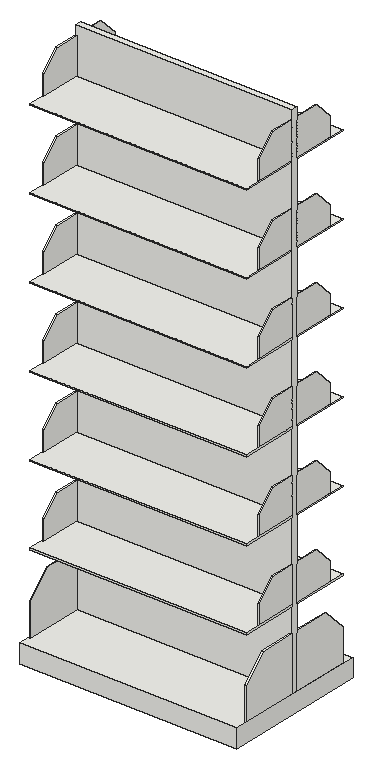
Revit family
Parameters (values of type "915 x 2286mm")
  Height = 2286.00 mm
  Shelving Material = Metal - Paint Finish - Ivory, Glossy
  Width = 915.00 mm
Reference planes
  plane 1 "Center (Front/Back)": y = 0
  plane 2: z = 0
  plane 3 "Center (Left/Right)": x = 0
  plane 4: y = 304.8
  plane 5: y = -304.8
  plane 6: x = -457.5
  plane 7: x = 457.5
  plane 8: y = 12.7
  plane 9: y = -12.7
  plane 10: z = 412.75
  plane 11: z = 749.3
  plane 12: z = 1085.85
  plane 13: z = 1422.4
  plane 14: z = 1758.95
  plane 15: z = 2095.5
  plane 16: z = 2286
Forms (mm)
  Extrusion 1, solid, material "Metal - Paint Finish - Ivory, Glossy" <- "Shelving Material"
    sketch origin (0, 0, 0) x (1, 0, 0) y (0, 1, 0)
      loop
        line (-457.5, 304.8) -> (-457.5, -304.8) -> (457.5, -304.8) -> (457.5, 304.8) -> (-457.5, 304.8)
    from 0 to 76.2
  Extrusion 2, solid, material "Metal - Paint Finish - Ivory, Glossy" <- "Shelving Material"
    sketch origin (0, 0, 76.2) x (1, 0, 0) y (0, 1, 0)
      loop
        line (-457.5, 12.7) -> (-457.5, -12.7) -> (457.5, -12.7) -> (457.5, 12.7) -> (-457.5, 12.7)
    from 0 to 2209.8
  Extrusion 3, solid, material "Metal - Paint Finish - Ivory, Glossy" <- "Shelving Material"
    sketch origin (-457.5, -12.7, 2286) x (0, 0, -1) y (1, 0, 0)
      loop
        line (1873.25, 0) -> (1879.6, 0) -> (1879.6, 915) -> (1873.25, 915) -> (1873.25, 0)
      loop
        line (1536.7, 0) -> (1543.05, 0) -> (1543.05, 915) -> (1536.7, 915) -> (1536.7, 0)
      loop
        line (1200.15, 0) -> (1206.5, 0) -> (1206.5, 915) -> (1200.15, 915) -> (1200.15, 0)
      loop
        line (863.6, 0) -> (869.95, 0) -> (869.95, 915) -> (863.6, 915) -> (863.6, 0)
      loop
        line (527.05, 0) -> (533.4, 0) -> (533.4, 915) -> (527.05, 915) -> (527.05, 0)
      loop
        line (190.5, 0) -> (196.85, 0) -> (196.85, 915) -> (190.5, 915) -> (190.5, 0)
    from 0 to 241.3
  Extrusion 4, solid, material "Metal - Paint Finish - Ivory, Glossy" <- "Shelving Material"
    sketch origin (457.5, 12.7, 2286) x (0, 0, -1) y (-1, 0, 0)
      loop
        line (1873.25, 0) -> (1879.6, 0) -> (1879.6, 915) -> (1873.25, 915) -> (1873.25, 0)
      loop
        line (1536.7, 0) -> (1543.05, 0) -> (1543.05, 915) -> (1536.7, 915) -> (1536.7, 0)
      loop
        line (1200.15, 0) -> (1206.5, 0) -> (1206.5, 915) -> (1200.15, 915) -> (1200.15, 0)
      loop
        line (863.6, 0) -> (869.95, 0) -> (869.95, 915) -> (863.6, 915) -> (863.6, 0)
      loop
        line (527.05, 0) -> (533.4, 0) -> (533.4, 915) -> (527.05, 915) -> (527.05, 0)
      loop
        line (190.5, 0) -> (196.85, 0) -> (196.85, 915) -> (190.5, 915) -> (190.5, 0)
    from 0 to 241.3
  Extrusion 5, solid, material "Metal - Paint Finish - Ivory, Glossy" <- "Shelving Material"
    sketch origin (457.5, -304.8, 76.2) x (0, 0, -1) y (0, 1, 0)
      loop
        line (0, 292.1) -> (-228.6, 292.1) -> (-228.6, 139.7) -> (-138.797, 49.897) -> (0, 49.897) -> (0, 292.1)
      loop
        line (0, 317.5) -> (0, 559.703) -> (-138.797, 559.703) -> (-228.6, 469.9) -> (-228.6, 317.5) -> (0, 317.5)
      loop
        line (-336.55, 292.1) -> (-488.95, 292.1) -> (-488.95, 190.5) -> (-417.108, 118.658) -> (-336.55, 118.658) -> (-336.55, 292.1)
      loop
        line (-673.1, 292.1) -> (-825.5, 292.1) -> (-825.5, 190.5) -> (-753.658, 118.658) -> (-673.1, 118.658) -> (-673.1, 292.1)
      loop
        line (-1009.65, 292.1) -> (-1162.05, 292.1) -> (-1162.05, 190.5) -> (-1090.208, 118.658) -> (-1009.65, 118.658) -> (-1009.65, 292.1)
      loop
        line (-1346.2, 292.1) -> (-1498.6, 292.1) -> (-1498.6, 190.5) -> (-1426.758, 118.658) -> (-1346.2, 118.658) -> (-1346.2, 292.1)
      loop
        line (-1682.75, 292.1) -> (-1835.15, 292.1) -> (-1835.15, 190.5) -> (-1763.308, 118.658) -> (-1682.75, 118.658) -> (-1682.75, 292.1)
      loop
        line (-2019.3, 292.1) -> (-2171.7, 292.1) -> (-2171.7, 190.5) -> (-2099.858, 118.658) -> (-2019.3, 118.658) -> (-2019.3, 292.1)
      loop
        line (-336.55, 317.5) -> (-336.55, 490.942) -> (-417.108, 490.942) -> (-488.95, 419.1) -> (-488.95, 317.5) -> (-336.55, 317.5)
      loop
        line (-673.1, 317.5) -> (-673.1, 490.942) -> (-753.658, 490.942) -> (-825.5, 419.1) -> (-825.5, 317.5) -> (-673.1, 317.5)
      loop
        line (-1009.65, 317.5) -> (-1009.65, 490.942) -> (-1090.208, 490.942) -> (-1162.05, 419.1) -> (-1162.05, 317.5) -> (-1009.65, 317.5)
      loop
        line (-1346.2, 317.5) -> (-1346.2, 490.942) -> (-1426.758, 490.942) -> (-1498.6, 419.1) -> (-1498.6, 317.5) -> (-1346.2, 317.5)
      loop
        line (-1682.75, 317.5) -> (-1682.75, 490.942) -> (-1763.308, 490.942) -> (-1835.15, 419.1) -> (-1835.15, 317.5) -> (-1682.75, 317.5)
      loop
        line (-2019.3, 317.5) -> (-2019.3, 490.942) -> (-2099.858, 490.942) -> (-2171.7, 419.1) -> (-2171.7, 317.5) -> (-2019.3, 317.5)
    from 0 to -6.35
  Extrusion 6, solid, material "Metal - Paint Finish - Ivory, Glossy" <- "Shelving Material"
    sketch origin (-457.5, 12.7, 2286) x (0, 0, -1) y (0, -1, 0)
      loop
        line (190.5, 0) -> (38.1, 0) -> (38.1, -101.6) -> (109.942, -173.442) -> (190.5, -173.442) -> (190.5, 0)
      loop
        line (1981.2, 0) -> (1981.2, -152.4) -> (2071.003, -242.203) -> (2209.8, -242.203) -> (2209.8, 0) -> (1981.2, 0)
      loop
        line (527.05, 0) -> (374.65, 0) -> (374.65, -101.6) -> (446.492, -173.442) -> (527.05, -173.442) -> (527.05, 0)
      loop
        line (863.6, -0.189) -> (711.2, -0.189) -> (711.2, -101.789) -> (783.042, -173.631) -> (863.6, -173.631) -> (863.6, -0.189)
      loop
        line (1200.15, -0.189) -> (1047.75, -0.189) -> (1047.75, -101.789) -> (1119.592, -173.631) -> (1200.15, -173.631) -> (1200.15, -0.189)
      loop
        line (1536.7, 0) -> (1384.3, 0) -> (1384.3, -101.6) -> (1456.142, -173.442) -> (1536.7, -173.442) -> (1536.7, 0)
      loop
        line (1873.25, 0) -> (1720.85, 0) -> (1720.85, -101.6) -> (1792.692, -173.442) -> (1873.25, -173.442) -> (1873.25, 0)
      loop
        line (190.5, 25.4) -> (190.5, 198.842) -> (109.942, 198.842) -> (38.1, 127) -> (38.1, 25.4) -> (190.5, 25.4)
      loop
        line (1981.2, 25.4) -> (2209.8, 25.4) -> (2209.8, 267.603) -> (2071.003, 267.603) -> (1981.2, 177.8) -> (1981.2, 25.4)
      loop
        line (527.05, 25.4) -> (527.05, 198.842) -> (446.492, 198.842) -> (374.65, 127) -> (374.65, 25.4) -> (527.05, 25.4)
      loop
        line (863.6, 25.589) -> (863.6, 199.031) -> (783.042, 199.031) -> (711.2, 127.189) -> (711.2, 25.589) -> (863.6, 25.589)
      loop
        line (1200.15, 25.589) -> (1200.15, 199.031) -> (1119.592, 199.031) -> (1047.75, 127.189) -> (1047.75, 25.589) -> (1200.15, 25.589)
      loop
        line (1536.7, 25.4) -> (1536.7, 198.842) -> (1456.142, 198.842) -> (1384.3, 127) -> (1384.3, 25.4) -> (1536.7, 25.4)
      loop
        line (1873.25, 25.4) -> (1873.25, 198.842) -> (1792.692, 198.842) -> (1720.85, 127) -> (1720.85, 25.4) -> (1873.25, 25.4)
    from 0 to -6.35
Lines and regions (mm)
  symbolic lines
    curve 1: line (-457.5, 304.8, 0) -> (457.5, 304.8, 0)
    curve 2: line (-457.5, 304.8, 0) -> (-457.5, -304.8, 0)
    curve 3: line (-457.5, -304.8, 0) -> (457.5, -304.8, 0)
    curve 4: line (457.5, 304.8, 0) -> (457.5, -304.8, 0)
Dimensions and locks
  equal spacing: plane 15, plane 14, plane 13, plane 12, plane 11, plane 10, Extrusion 1
  locked: Extrusion 1 to plane 2 at 76.2
  "Width": plane 6 to plane 7
  "Height": plane 16 to plane 2
  equal spacing: plane 6, plane 3 "Center (Left/Right)", plane 7
  aligned and locked: plane 6 to Extrusion 1 sketch curve
  aligned and locked: plane 4 to Extrusion 1 sketch curve
  aligned and locked: plane 5 to Extrusion 1 sketch curve
  aligned and locked: plane 7 to Extrusion 1 sketch curve
  aligned and locked: Extrusion 1 to Extrusion 2 sketch curve
  aligned and locked: plane 8 to Extrusion 2 sketch curve
  aligned and locked: plane 9 to Extrusion 2 sketch curve
  aligned and locked: Extrusion 2 sketch curve to Extrusion 1
  aligned and locked: Extrusion 2 to Extrusion 3 sketch curve  (x5)
  aligned and locked: Extrusion 3 sketch curve to Extrusion 2  (x3)
  aligned and locked: plane 14 to Extrusion 3 sketch curve
  aligned and locked: plane 15 to Extrusion 3 sketch curve
  aligned and locked: Extrusion 2 to Extrusion 4 sketch curve  (x4)
  aligned and locked: plane 10 to Extrusion 4 sketch curve
  aligned and locked: Extrusion 4 sketch curve to Extrusion 2  (x6)
  aligned and locked: plane 11 to Extrusion 4 sketch curve
  aligned and locked: plane 12 to Extrusion 4 sketch curve
  aligned and locked: plane 13 to Extrusion 4 sketch curve
  aligned and locked: Extrusion 4 sketch curve to Extrusion 3  (x4)
  aligned and locked: Extrusion 5 sketch curve to Extrusion 3
  aligned and locked: Extrusion 6 sketch curve to Extrusion 4  (x3)
  aligned and locked: Extrusion 6 sketch curve to Extrusion 2
  aligned and locked: Extrusion 2 to plane 16
Automatic sketch dimensions
  Extrusion 3 sketch curve to plane 13 = 0.00 mm
  Extrusion 3 sketch curve to plane 6 = 0.00 mm
  Extrusion 3 sketch curve to plane 12 = 0.00 mm
  Extrusion 3 sketch curve to plane 7 = 0.00 mm  (x3)
  Extrusion 3 sketch curve to plane 11 = 0.00 mm
  Extrusion 3 sketch curve to plane 10 = 0.00 mm
  Extrusion 3 sketch curve to Extrusion 3 sketch curve = 6.35 mm  (x3)
  plane 14 to Extrusion 3 sketch curve = 6.35 mm
  plane 13 to Extrusion 3 sketch curve = 6.35 mm
  plane 12 to Extrusion 3 sketch curve = 6.35 mm
  plane 15 to Extrusion 4 sketch curve = 6.35 mm
  plane 14 to Extrusion 4 sketch curve = 6.35 mm
  Extrusion 4 sketch curve to Extrusion 4 sketch curve = 6.35 mm  (x3)
  plane 11 to Extrusion 4 sketch curve = 6.35 mm
  Extrusion 5 sketch curve to plane 9 = 0.00 mm  (x7)
  Extrusion 5 sketch curve to plane 15 = 0.00 mm  (x4)
  Extrusion 5 sketch curve to plane 14 = 0.00 mm  (x4)
  Extrusion 5 sketch curve to plane 12 = 0.00 mm  (x4)
  Extrusion 5 sketch curve to plane 11 = 0.00 mm  (x4)
  Extrusion 5 sketch curve to plane 10 = 0.00 mm  (x4)
  Extrusion 5 sketch curve to plane 8 = 0.00 mm
  Extrusion 5 sketch curve to Extrusion 5 sketch curve = 80.558 mm  (x5)
  plane 9 to Extrusion 5 sketch curve = 101.60 mm  (x2)
  Extrusion 5 sketch curve to Extrusion 5 sketch curve = 71.842 mm  (x4)
  Extrusion 5 sketch curve to Extrusion 5 sketch curve = 152.40 mm  (x5)
  Extrusion 5 sketch curve to plane 11 = 152.40 mm
  Extrusion 5 sketch curve to plane 11 = 80.558 mm
  Extrusion 5 sketch curve to Extrusion 5 sketch curve = 107.95 mm
  Extrusion 5 sketch curve to Extrusion 5 sketch curve = 0.00 mm  (x32)
  Extrusion 5 sketch curve to Extrusion 5 sketch curve = 89.803 mm  (x2)
  Extrusion 5 sketch curve to plane 5 = 49.897 mm
  level to Extrusion 5 sketch curve = 76.20 mm
  Extrusion 5 sketch curve to Extrusion 5 sketch curve = 173.442 mm  (x2)
  plane 1 "Center (Front/Back)" to Extrusion 5 sketch curve = 186.142 mm  (x2)
  Extrusion 5 sketch curve to Extrusion 5 sketch curve = 21.042 mm
  Extrusion 5 sketch curve to Extrusion 5 sketch curve = 101.60 mm  (x3)
  plane 4 to Extrusion 5 sketch curve = 49.897 mm
  Extrusion 5 sketch curve to plane 9 = 25.40 mm  (x18)
  Extrusion 5 sketch curve to plane 13 = 0.00 mm  (x3)
  Extrusion 5 sketch curve to Extrusion 5 sketch curve = 372.284 mm  (x18)
  Extrusion 5 sketch curve to Extrusion 5 sketch curve = 228.60 mm  (x12)
  Extrusion 6 sketch curve to plane 8 = 0.00 mm  (x4)
  Extrusion 6 sketch curve to plane 15 = 0.00 mm  (x4)
  Extrusion 6 sketch curve to plane 12 = 0.00 mm  (x4)
  Extrusion 6 sketch curve to plane 10 = 0.00 mm  (x4)
  Extrusion 6 sketch curve to Extrusion 6 sketch curve = 80.558 mm  (x2)
  Extrusion 6 sketch curve to plane 8 = 101.60 mm  (x3)
  Extrusion 6 sketch curve to Extrusion 6 sketch curve = 71.842 mm  (x5)
  Extrusion 6 sketch curve to plane 14 = 152.40 mm
  Extrusion 6 sketch curve to plane 8 = 0.189 mm  (x2)
  Extrusion 6 sketch curve to plane 13 = 152.40 mm
  Extrusion 6 sketch curve to plane 13 = 80.558 mm
  Extrusion 6 sketch curve to plane 8 = 101.789 mm
  Extrusion 6 sketch curve to plane 12 = 152.40 mm
  Extrusion 6 sketch curve to plane 12 = 80.558 mm
  Extrusion 6 sketch curve to plane 11 = 152.40 mm
  Extrusion 6 sketch curve to plane 11 = 80.558 mm
  Extrusion 6 sketch curve to Extrusion 6 sketch curve = 152.40 mm
  Extrusion 6 sketch curve to plane 10 = 80.558 mm
  plane 10 to Extrusion 6 sketch curve = 107.95 mm
  plane 4 to Extrusion 6 sketch curve = 49.897 mm
  Extrusion 6 sketch curve to Extrusion 6 sketch curve = 89.803 mm
  level to Extrusion 6 sketch curve = 76.20 mm
  Extrusion 6 sketch curve to plane 1 "Center (Front/Back)" = 186.331 mm
  Extrusion 6 sketch curve to Extrusion 6 sketch curve = 173.442 mm
  Extrusion 6 sketch curve to Extrusion 6 sketch curve = 21.042 mm
  Extrusion 6 sketch curve to Extrusion 6 sketch curve = 101.60 mm  (x2)
  plane 8 to Extrusion 6 sketch curve = 25.40 mm  (x15)
  Extrusion 6 sketch curve to plane 14 = 0.00 mm  (x3)
  Extrusion 6 sketch curve to plane 13 = 0.00 mm  (x3)
  Extrusion 6 sketch curve to plane 11 = 0.00 mm  (x3)
  Extrusion 6 sketch curve to Extrusion 6 sketch curve = 0.00 mm  (x38)
  plane 4 to Extrusion 6 sketch curve = 559.703 mm
  Extrusion 6 sketch curve to Extrusion 6 sketch curve = 509.805 mm  (x2)
  Extrusion 6 sketch curve to Extrusion 6 sketch curve = 372.661 mm  (x6)
  Extrusion 6 sketch curve to Extrusion 6 sketch curve = 372.284 mm  (x12)
  Extrusion 6 sketch curve to Extrusion 6 sketch curve = 330.20 mm  (x2)
  Extrusion 6 sketch curve to Extrusion 6 sketch curve = 228.977 mm  (x4)
  Extrusion 6 sketch curve to Extrusion 6 sketch curve = 228.60 mm  (x8)
  Extrusion 6 sketch curve to Extrusion 6 sketch curve = 25.777 mm  (x6)
  curve 3 to plane 5 = 0.00 mm
  curve 3 to plane 6 = 0.00 mm
  curve 3 to plane 7 = 0.00 mm
  curve 2 to plane 4 = 0.00 mm
